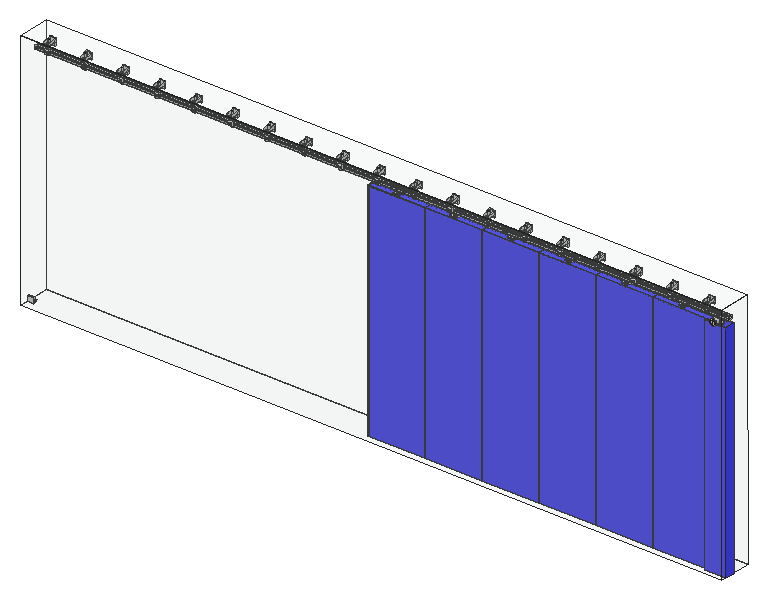
Revit family "Somati-System_SGS_Horizontal-fire-sliding-door_9050_lintel_E120_W-to-H-higher-than-1,3", category Doors, host Wall, Revit 2018
Family settings
  Host = Wall
  OmniClass Number = 23.30.10.00
  OmniClass Title = Doors
  Always vertical = Yes
  Cut with Voids When Loaded = No
  Shared = No
  Room Calculation Point = No
Parameters (values of type "EI 120")
  Youtube clip = "https://www.youtube.com/watch?v=pRjbxBvixFY&feature=emb_logo"
  Wing top offset [instance] = 136 mm  # constant formula
  Wing thickness = 81.2 mm
  Wing access (D) [instance] = [Width (W)] + 200 mm  # 5700 mm
  Width (W) [instance] = 5500 mm
  Weight Net (Kg) = "0"
  Uniformat II Description = ""
  Uniformat II Code = ""
  Uniclass 2015 Name = ""
  Uniclass 2015 Code = ""
  Uniclass 2.0 Description = ""
  Uniclass 2.0 Code = ""
  Uniclass 1.4 Description = ""
  Uniclass 1.4 Code = ""
  UNSPSC Code = ""
  Total height (Z) [instance] = Height Control + 420 mm  # 4020 mm
  Thickness = 0 mm
  Technical description = "https://somati-system.pl/en/download/sgs-download-en/"
  Region South America = "None"
  Region Oceania = "None"
  Region North America = "None"
  Region Middle East = "None"
  Region Europe = "AD, AL, AT, AX, BA, BE, BG, BY, CH, CY, CZ, DE, DK, EE, ES, FI, FO, FR, GB, GG, GI, GR, HR, HU, IE, IM, IS, IT, JE, LI, LT, LU, LV, MC, MD, ME, MK, MT, NL, NO, PL, PT, RO, RS, RU, SE, SI, SJ, SK, SM, UA, VA"
  Region Asia = "None"
  Region Antarctica = "None"
  Region Africa = "None"
  Rail and assembly materials [instance] = Somati - Stainless Steel - 7035
  QR code = "http://bimobject.com/somati-system/product/SGS_HORIZONTAL_FIRE_SLIDING_DOOR"
  Product url = "https://somati-system.pl/en/products/sgs-horizontal-fire-sliding-doors/"
  Product group = "SGS"
  Product family = "SGS"
  Product data url = "https://bimobject.com/somati-system/product/SGS_HORIZONTAL_FIRE_SLIDING_DOOR"
  Product certification = ""
  Product SKU = "SGS_HORIZONTAL_FIRE_SLIDING_DOOR"
  Product Guid = "8235eb12-0acf-4b60-9ca9-7613396e8d01"
  Power supply of control panel = "230V/50Hz/6A"  # constant formula
  Panel width [instance] = ([Width (W)] + 205 mm) / Number of panels in wing  # 950.833 mm
  Panel material = Somati - Stainless Steel - Custom
  Panel height [instance] = Height Control + Wing top offset  # 3736 mm
  OmniClass Description = ""
  OmniClass Code = ""
  Offset Right [instance] = [Counterweight housing (A2)]  # 360 mm
  Offset Left [instance] = 0 mm
  Number of panels in wing [instance] = roundup([Width (W)] / 1000 mm)  # 6
  Number of hangers [instance] = ([Guide rail length (K)] - 420 mm) / 600 mm  # 19
  Nominal width = 0 mm
  Nominal height = 0 mm
  NBS Reference Description = ""
  NBS Reference Code = ""
  Model = "SGS"  # constant formula
  Max number of opening cycles = 50000  # constant formula
  Material secondary = "Composite"
  Material main = "Steel"
  Masterformat 2014 Description = ""
  Masterformat 2014 Code = ""
  Manufacturer name = "Somati System"
  Manufacturer country = "Poland"
  Manufacturer = "Somati System"  # constant formula
  Installation instructions = ""
  IFC Classification = ""
  Height Control [instance] = if([Height (H)] < 3501 mm, 3501 mm, [Height (H)])  # 3600 mm
  Height (H) [instance] = 3600 mm
  Guide rail lower edge (B1) [instance] = Height Control + 170 mm  # 3770 mm
  Guide rail length (K) [instance] = [Wing access (D)] + [Width (W)] + [Counterweight housing (A2)]  # 11560 mm
  Gate Control type = "Electromagnetic brake"  # constant formula
  GTIN code = ""
  Function = Interior
  Height = 2000 mm
  Wall Closure = By host
  Width = 1000 mm
  Fire resistance = "EI 60, EI 120 n"  # constant formula
  Edition number = 1
  Design country = "Poland"
  Date of publishing = ""
  Counterweight housing (A2) [instance] = if([Width (W)] / Height Control > 1.3, 360 mm, 210 mm)  # 360 mm
  Console mounting axis (B2) [instance] = if(Height Control > 3500 mm, Height Control + 239 mm, Height Control + 179 mm)  # 3839 mm
  Clearance Area Visibility [instance] = yes
  COBIe Type Category = ""
  Buffer (A1) [instance] = [Wing access (D)] + 130 mm  # 5830 mm
  Brand url = ""
  BIMobject main category code = "doors"
  BIMobject main category = "Doors"
  BIMobject category code = "doors-fire"
  BIMobject category = "Fire Doors & Shutters"
  Available surface fnish = "Galvanized Stainless Steel PVC, MDF, HDF, laminate or veneer, STANDARD RAL 7035, 9002, 9006, 9010, and powder coating of whole RAL pallet"  # constant formula
Reference planes
  plane 1: y = 0
  plane 2 "Center (Left/Right)": x = 0
  plane 3 "Left": x = -2750
  plane 4 "Right": x = 2750
  plane 5 "Cutout height": z = 3600
  plane 6 "Exterior": y = 150
  plane 7 "Interior": y = -150
  plane 8 "Consoles mounting axis": z = 3839
  plane 9 "Total height top": z = 4020
  plane 10 "Guide rail bottom": z = 3770
  plane 11 "Wing access": x = -8450
  plane 12 "Buffer placement": x = -8580
  plane 13 "Counterweight housing": x = 3110
  plane 14 "Handle": z = 1050
  plane 15 "Wing end left": x = -2895
  plane 16 "Wing end top": z = 3736
  plane 17 "Wing end right": x = 2810
  plane 18: y = -324
  plane 19 "Wing axis": y = -231.875
  plane 20: y = -75
  plane 21: y = -193.4
  plane 22: y = -270.35
  plane 23: x = -2897
  plane 24 "end of hangers": x = -8240
  plane 25: x = -1040
  plane 26: x = -2795
  plane 27: y = -295.35
  plane 28: y = -162.9
  plane 29: x = -8940
  plane 30: x = -8589
  plane 31: x = -8764.5
  plane 32: x = 3110
  plane 33: x = -8580
  plane 34: x = -8760
  plane 35: z = 3802
  plane 36: x = 2960
  plane 37: y = -400.787
Forms (mm)
  Sweep 1, solid
    path origin (0, -150, 0) x (1, 0, 0) y (0, 0, 1)
      loop
        line (-2750, 0) -> (-2750, 3582) -> (2750, 3582)
    profile origin (-2750, -150, 1791) x (-1, 0, 0) y (0, -1, 0)
      loop
        line (15, 33) -> (15, 4)
        arc (15, 4) -> (16.172, 1.172) -> (19, 0) r 4
        line (19, 0) -> (110.462, 0)
        arc (110.462, 0) -> (113.29, 1.172) -> (114.462, 4) r 4
        line (114.462, 4) -> (114.462, 29)
        arc (114.462, 29) -> (115.048, 30.414) -> (116.462, 31) r 2
        line (116.462, 31) -> (137.462, 31) -> (137.462, 33) -> (15, 33)
  Sweep 2, solid, material "Somati - Stainless Steel - Custom" <- "Panel material"
    path origin (0, -150, 0) x (1, 0, 0) y (0, 0, 1)
      loop
        line (-2895, 3736) -> (-2895, 0)
    profile origin (-2895, -150, 1868) x (0, -1, 0) y (1, 0, 0)
      loop
        arc (18.1, 2) -> (19.272, -0.828) -> (22.1, -2) r 4
        line (22.1, -2) -> (118.35, -2)
        arc (118.35, -2) -> (121.178, -0.828) -> (122.35, 2) r 4
        line (122.35, 2) -> (122.35, 13) -> (120.35, 13) -> (120.35, 2)
        arc (120.35, 2) -> (119.764, 0.586) -> (118.35, 0) r 2
        line (118.35, 0) -> (22.1, 0)
        arc (22.1, 0) -> (20.686, 0.586) -> (20.1, 2) r 2
        line (20.1, 2) -> (20.1, 23) -> (18.1, 23) -> (18.1, 2)
  Sweep 3, solid, material "Somati - Stainless Steel - Custom" <- "Panel material"
    path origin (0, -150, 0) x (1, 0, 0) y (0, 0, 1)
      loop
        line (-2897, 3736) -> (2810, 3736)
    profile origin (-43.5, -150, 3736) x (0, 0, 1) y (0, -1, 0)
      loop
        line (-23, 19.5) -> (-23, 17.5) -> (-2, 17.5)
        arc (-2, 17.5) -> (0.828, 18.672) -> (2, 21.5) r 4
        line (2, 21.5) -> (2, 117.5) -> (0, 117.5) -> (0, 21.5)
        arc (0, 21.5) -> (-0.586, 20.086) -> (-2, 19.5) r 2
        line (-2, 19.5) -> (-23, 19.5)
  Sweep 4, solid, material "Somati - Stainless Steel - Custom" <- "Panel material"
    path origin (0, -150, 0) x (1, 0, 0) y (0, 0, 1)
      loop
        line (3110, 3736) -> (3110, 0)
    profile origin (3110, -150, 1868) x (0, -1, 0) y (1, 0, 0)
      loop
        line (167.375, -348) -> (167.375, 0) -> (0, 0) -> (0, -351) -> (33, -351) -> (33, -302) -> (130.375, -302) -> (130.375, -348) -> (167.375, -348)
      loop
        line (2, -300) -> (133.375, -300) -> (133.375, -345) -> (163.375, -345) -> (163.375, -3) -> (2, -3) -> (2, -300)
  Sweep 5, solid, material "Somati - Stainless Steel - 7035" <- "Rail and assembly materials"
    path origin (0, -150, -4.5) x (1, 0, 0) y (0, 0, 1)
      loop
        line (-8450, 3774.5) -> (3110, 3774.5)
    profile origin (-2670, -150, 3770) x (0, 0, 1) y (0, -1, 0)
      loop
        arc (105, 105.25) -> (102.95, 110.2) -> (98, 112.25) r 7
        line (98, 112.25) -> (75.917, 112.25)
        arc (75.917, 112.25) -> (75.008, 112.191) -> (74.114, 112.014) r 7
        line (74.114, 112.014) -> (50.196, 105.636)
        arc (50.196, 105.636) -> (46.449, 103.137) -> (45, 98.872) r 7
        line (45, 98.872) -> (45, 88.75) -> (48, 88.75) -> (48, 100.25) -> (50.312, 102.562) -> (75.393, 109.25) -> (98, 109.25)
        arc (98, 109.25) -> (100.828, 108.078) -> (102, 105.25) r 4
        line (102, 105.25) -> (102, 54.25)
        arc (102, 54.25) -> (100.828, 51.422) -> (98, 50.25) r 4
        line (98, 50.25) -> (75.393, 50.25) -> (50.312, 56.938) -> (48, 59.25) -> (48, 70.75) -> (45, 70.75) -> (45, 60.628)
        arc (45, 60.628) -> (46.449, 56.363) -> (50.196, 53.864) r 7
        line (50.196, 53.864) -> (74.114, 47.486)
        arc (74.114, 47.486) -> (75.008, 47.309) -> (75.917, 47.25) r 7
        line (75.917, 47.25) -> (98, 47.25)
        arc (98, 47.25) -> (102.95, 49.3) -> (105, 54.25) r 7
        line (105, 54.25) -> (105, 105.25)
  Extrusion 6, solid, material "Clearance Areas", visible <- "Clearance Area Visibility"
    sketch origin (-2209.467, 358.585, 220.701) x (1, 0, 0) y (0, 0, -1)
      loop
        line (-6370.533, 220.701) -> (-6370.533, -3803.299) -> (5319.467, -3803.299) -> (5319.467, 220.701) -> (-6370.533, 220.701)
    from -759.372 to -208.585
  Sweep 7, solid, material "Somati - Stainless Steel - Custom" <- "Panel material", not visible
    path origin (0, -150, 0) x (1, 0, 0) y (0, 0, 1)
      loop
        line (2750, 0) -> (2750, 3736)
    profile origin (2750, -150, 1868) x (-1, 0, 0) y (0, -1, 0)
      loop
        line (-9, 0) -> (-9, 33) -> (-58, 33) -> (-58, 124) -> (-12, 124) -> (-12, 161) -> (-60, 161) -> (-60, 0) -> (-9, 0)
Lines and regions (mm)
  Opening 1
    outline origin (-3050, -150, 0) x (1, 0, 0) y (0, 0, 1)
      loop
        line (300, 0) -> (5800, 0) -> (5800, 3600) -> (300, 3600) -> (300, 0)
Text (mm)
  text "Exterior" at (-2295.016, 1099.543, 0), in view "Ref. Level"
  text "Exterior" at (0, 1615.38, 3698.081), in view "Left"
  text "Exterior" at (0, 1036.032, 3874.932), in view "Right"
Dimensions and locks
  equal spacing: plane 3 "Left", plane 2 "Center (Left/Right)", plane 4 "Right"
  "Width (W)": plane 3 "Left" to plane 4 "Right"
  "Height Control": plane 5 "Cutout height" to host wall
  host wall to plane 5 "Cutout height" = 3600 mm  (x2)
  locked: plane 6 "Exterior" to host wall at 0
  locked: plane 7 "Interior" to host wall
  "Total height (Z)": plane 9 "Total height top" to level
  "Console mounting axis (B2)": plane 8 "Consoles mounting axis" to level
  "Guide rail lower edge (B1)": plane 10 "Guide rail bottom" to level
  "Buffer (A1)": plane 12 "Buffer placement" to plane 3 "Left"
  "Counterweight housing (A2)": plane 4 "Right" to plane 13 "Counterweight housing"
  "Wing access (D)": plane 11 "Wing access" to plane 3 "Left"
  locked: plane 14 "Handle" to level at 1050
  equal spacing: plane 21, plane 19 "Wing axis", plane 22
  equal spacing: group 1, group 6, group 14, group 18, group 19, group 2  (x3)
  locked: plane 4 "Right" to plane 17 "Wing end right" at 60
  "Wing top offset": plane 16 "Wing end top" to plane 5 "Cutout height"
  locked: plane 23 to plane 15 "Wing end left" at 2
  locked: Sweep 1 sketch curve to plane 5 "Cutout height" at 18
  locked: plane 24 "end of hangers" to plane 11 "Wing access" at 210
  equal spacing: group 4, group 25, group 24, group 23, group 22, group 21, group 20, group 17, group 16, group 15, group 13, group 12, group 11, group 10, group 9, group 8, group 7, group 5, group 3
  equal spacing: group 3, group 5, group 7, group 8, group 9, group 10, group 11, group 12, group 13, group 15, group 16, group 17, group 20, group 21, group 22, group 23, group 24, group 25, group 4  (x2)
  locked: plane 26 to plane 3 "Left" at 45
  locked: plane 28 to plane 21 at 30.5
  locked: plane 22 to plane 27 at 25
  plane 15 "Wing end left" to plane 3 "Left" = 145 mm
  locked: Sweep 4 to plane 19 "Wing axis" at 85.5
  locked: Sweep 4 sketch curve to Sweep 4 sketch curve at 3
  "Counterweight housing (A2)": plane 29 to plane 12 "Buffer placement"
  locked: plane 30 to plane 12 "Buffer placement" at 9
  equal spacing: plane 30, plane 31, plane 29
  "Offset Left": plane 33 to plane 12 "Buffer placement"
  "Offset Right": plane 4 "Right" to plane 32
  equal spacing: plane 29, plane 34, plane 12 "Buffer placement"
  locked: plane 35 to plane 16 "Wing end top" at 66
  equal spacing: plane 17 "Wing end right", plane 36, plane 32
  locked: host wall to plane 37 at 250.787
  locked: plane 19 "Wing axis" to host wall at 81.875
  aligned and locked: plane 3 "Left" to Opening 1 sketch curve
  aligned and locked: plane 5 "Cutout height" to Opening 1 sketch curve  (x2)
  aligned and locked: Opening 1 sketch curve to plane 4 "Right"
  aligned and locked: Opening 1 sketch curve to level
  aligned and locked: host wall to plane 1
  aligned and locked: nested 1 to plane 19 "Wing axis"
  aligned and locked: plane 15 "Wing end left" to nested 1
  aligned and locked: plane 17 "Wing end right" to nested 2
  aligned and locked: Sweep 1 sketch curve to plane 3 "Left"
  aligned and locked: plane 3 "Left" to Sweep 1 sketch curve
  aligned and locked: plane 4 "Right" to Sweep 1 sketch curve
  aligned and locked: level to Sweep 1 sketch curve
  aligned and locked: Sweep 2 sketch curve to plane 15 "Wing end left"
  aligned and locked: plane 16 "Wing end top" to Sweep 2 sketch curve
  aligned and locked: level to Sweep 2 sketch curve
  aligned and locked: Sweep 3 sketch curve to plane 16 "Wing end top"
  aligned and locked: Sweep 3 sketch curve to plane 23
  aligned and locked: Sweep 4 sketch curve to plane 16 "Wing end top"
  aligned and locked: plane 17 "Wing end right" to Sweep 3 sketch curve
  aligned and locked: nested 3 to plane 4 "Right"
  aligned and locked: nested 4 to plane 24 "end of hangers"
  aligned and locked: plane 6 "Exterior" to Extrusion 6
  aligned and locked: plane 13 "Counterweight housing" to Extrusion 6
  aligned and locked: Extrusion 6 to plane 12 "Buffer placement"
  aligned and locked: nested 2 to plane 19 "Wing axis"
  aligned and locked: plane 22 to Sweep 2
  aligned and locked: profile plane to Sweep 4 sketch curve
  aligned and locked: plane 17 "Wing end right" to Sweep 4 sketch curve
  aligned and locked: nested 6 to plane 19 "Wing axis"
  aligned and locked: nested 6 to plane 12 "Buffer placement"
  aligned and locked: Sweep 7 sketch curve to plane 4 "Right"
  aligned and locked: plane 16 "Wing end top" to Sweep 7 sketch curve
  aligned and locked: plane 32 to Sweep 5 sketch curve
  aligned and locked: Sweep 5 sketch curve to plane 10 "Guide rail bottom"
  aligned and locked: plane 9 "Total height top" to nested 3
  aligned and locked: plane 9 "Total height top" to nested 5
  aligned and locked: nested 3 to host wall
  aligned and locked: nested 5 to host wall
  aligned and locked: plane 11 "Wing access" to Sweep 5 sketch curve
  aligned and locked: nested 27 to plane 35
  aligned and locked: nested 27 to plane 19 "Wing axis"
  aligned and locked: plane 36 to nested 27
  aligned and locked: Extrusion 6 to plane 37
  aligned and locked: Extrusion 6 to nested 4
Automatic sketch dimensions
  Sweep 2 sketch curve to Sweep 2 sketch curve = 0 mm  (x4)
  Sweep 2 sketch curve to profile plane = 0 mm
  Sweep 2 sketch curve to profile plane = 2 mm  (x2)
  plane 7 "Interior" to Sweep 2 sketch curve = 18.1 mm
  Sweep 2 sketch curve to Sweep 2 sketch curve = 2 mm
  Sweep 2 sketch curve to Sweep 2 sketch curve = 96.25 mm
  Sweep 2 sketch curve to Sweep 2 sketch curve = 11 mm
  Sweep 2 sketch curve to Sweep 2 sketch curve = 21 mm
  Sweep 3 sketch curve to Sweep 3 sketch curve = 0 mm  (x2)
  profile plane to Sweep 3 sketch curve = 0 mm
  profile plane to Sweep 3 sketch curve = 2 mm
  Sweep 3 sketch curve to Sweep 3 sketch curve = 21 mm
  Sweep 3 sketch curve to Sweep 3 sketch curve = 2 mm
  plane 7 "Interior" to Sweep 3 sketch curve = 17.5 mm
  Sweep 3 sketch curve to Sweep 3 sketch curve = 96 mm
  Sweep 4 sketch curve to level = 0 mm
  Sweep 4 sketch curve to plane 13 "Counterweight housing" = 0 mm
  plane 7 "Interior" to Sweep 4 sketch curve = 0 mm
  plane 7 "Interior" to Sweep 4 sketch curve = 2 mm
  Sweep 4 sketch curve to Sweep 4 sketch curve = 31 mm
  Sweep 4 sketch curve to Sweep 4 sketch curve = 97.375 mm
  Sweep 4 sketch curve to Sweep 4 sketch curve = 3 mm  (x2)
  Sweep 4 sketch curve to Sweep 4 sketch curve = 30 mm
  Sweep 4 sketch curve to Sweep 4 sketch curve = 4 mm
  Sweep 4 sketch curve to Sweep 4 sketch curve = 2 mm
  Sweep 4 sketch curve to Sweep 4 sketch curve = 45 mm
  Sweep 4 sketch curve to Sweep 4 sketch curve = 49 mm
  plane 9 "Total height top" to Extrusion 6 sketch curve = 4 mm
  Extrusion 6 sketch curve to plane 12 "Buffer placement" = 0 mm
  Extrusion 6 sketch curve to plane 13 "Counterweight housing" = 0 mm
  Extrusion 6 sketch curve to level = 0 mm
  Sweep 7 sketch curve to plane 14 "Handle" = 1050 mm
  plane 7 "Interior" to Sweep 7 sketch curve = 0 mm
  profile plane to Sweep 7 sketch curve = 60 mm
  Sweep 7 sketch curve to Sweep 7 sketch curve = 2 mm
  profile plane to Sweep 7 sketch curve = 12 mm
  profile plane to Sweep 7 sketch curve = 9 mm
  plane 7 "Interior" to Sweep 7 sketch curve = 33 mm
  Sweep 7 sketch curve to Sweep 7 sketch curve = 91 mm
  Sweep 7 sketch curve to Sweep 7 sketch curve = 37 mm
  Sweep 5 sketch curve to Sweep 5 sketch curve = 0 mm  (x5)
  Sweep 5 sketch curve to profile plane = 45 mm  (x2)
  Sweep 5 sketch curve to profile plane = 48 mm  (x2)
  Sweep 5 sketch curve to profile plane = 50.196 mm  (x2)
  Sweep 5 sketch curve to Sweep 5 sketch curve = 0.115 mm  (x2)
  Sweep 5 sketch curve to Sweep 5 sketch curve = 1.688 mm  (x2)
  Sweep 5 sketch curve to Sweep 5 sketch curve = 23.917 mm  (x2)
  Sweep 5 sketch curve to Sweep 5 sketch curve = 1.279 mm  (x2)
  Sweep 5 sketch curve to Sweep 5 sketch curve = 1.804 mm
  Sweep 5 sketch curve to Sweep 5 sketch curve = 0.524 mm
  Sweep 5 sketch curve to Sweep 5 sketch curve = 22.083 mm  (x2)
  Sweep 5 sketch curve to Sweep 5 sketch curve = 4 mm
  Sweep 5 sketch curve to Sweep 5 sketch curve = 3 mm
  plane 7 "Interior" to Sweep 5 sketch curve = 47.25 mm
  Sweep 5 sketch curve to Sweep 5 sketch curve = 0.236 mm
  Sweep 5 sketch curve to Sweep 5 sketch curve = 6.378 mm  (x2)
  Sweep 5 sketch curve to Sweep 5 sketch curve = 3.074 mm  (x2)
  Sweep 5 sketch curve to Sweep 5 sketch curve = 2.312 mm
  Sweep 5 sketch curve to Sweep 5 sketch curve = 10.122 mm  (x2)
  Sweep 5 sketch curve to Sweep 5 sketch curve = 18 mm
  Sweep 5 sketch curve to Sweep 5 sketch curve = 1.378 mm
  plane 7 "Interior" to Sweep 1 sketch curve = 0 mm
  Sweep 1 sketch curve to profile plane = 15 mm
  Sweep 1 sketch curve to Sweep 1 sketch curve = 4 mm
  plane 7 "Interior" to Sweep 1 sketch curve = 4 mm
  Sweep 1 sketch curve to Sweep 1 sketch curve = 91.462 mm
  Sweep 1 sketch curve to Sweep 1 sketch curve = 2 mm
  Sweep 1 sketch curve to Sweep 1 sketch curve = 21 mm
  Sweep 1 sketch curve to Sweep 1 sketch curve = 25 mm
  Sweep 1 sketch curve to Sweep 1 sketch curve = 29 mm
Nested families
  nested 1: "Family2" at (-2419.583, -231.875, 0), Material <- "Panel material", Width <- "Panel width", Thickness <- "Wing thickness", Height <- "Panel height", type "Family2"
    with Width 950.833 mm, Thickness 81.2 mm, Material Somati - Stainless Steel - Custom, Height 3736 mm
  nested 2: "Family2" at (2334.583, -231.875, 0), Material <- "Panel material", Width <- "Panel width", Thickness <- "Wing thickness", Height <- "Panel height", type "Family2"
    with Width 950.833 mm, Thickness 81.2 mm, Material Somati - Stainless Steel - Custom, Height 3736 mm
  nested 3: "Family3" at (2716, -230.402, 3902) x (0, 1, 0) z (1, 0, 0), type "Family3", detail levels medium+fine
  nested 4: "Family3" at (-8274, -230.402, 3902) x (0, 1, 0) z (1, 0, 0), type "Family3", detail levels medium+fine
  nested 5: "Family3" at (2105.444, -230.402, 3902) x (0, 1, 0) z (1, 0, 0), type "Family3", detail levels medium+fine
  nested 6: "Stopper" at (-8530.037, -231.875, 0), type "Stopper", detail levels medium+fine
  nested 7: "Family2" at (-1468.75, -231.875, 0), Material <- "Panel material", Width <- "Panel width", Thickness <- "Wing thickness", Height <- "Panel height", type "Family2"
    with Width 950.833 mm, Thickness 81.2 mm, Material Somati - Stainless Steel - Custom, Height 3736 mm
  nested 8: "Family3" at (1494.889, -230.402, 3902) x (0, 1, 0) z (1, 0, 0), type "Family3", detail levels medium+fine
  nested 9: "Family3" at (884.333, -230.402, 3902) x (0, 1, 0) z (1, 0, 0), type "Family3", detail levels medium+fine
  nested 10: "Family3" at (273.778, -230.402, 3902) x (0, 1, 0) z (1, 0, 0), type "Family3", detail levels medium+fine
  nested 11: "Family3" at (-336.778, -230.402, 3902) x (0, 1, 0) z (1, 0, 0), type "Family3", detail levels medium+fine
  nested 12: "Family3" at (-947.333, -230.402, 3902) x (0, 1, 0) z (1, 0, 0), type "Family3", detail levels medium+fine
  nested 13: "Family3" at (-1557.889, -230.402, 3902) x (0, 1, 0) z (1, 0, 0), type "Family3", detail levels medium+fine
  nested 14: "Family3" at (-2168.444, -230.402, 3902) x (0, 1, 0) z (1, 0, 0), type "Family3", detail levels medium+fine
  nested 15: "Family2" at (-517.917, -231.875, 0), Material <- "Panel material", Width <- "Panel width", Thickness <- "Wing thickness", Height <- "Panel height", type "Family2"
    with Width 950.833 mm, Thickness 81.2 mm, Material Somati - Stainless Steel - Custom, Height 3736 mm
  nested 16: "Family3" at (-2779, -230.402, 3902) x (0, 1, 0) z (1, 0, 0), type "Family3", detail levels medium+fine
  nested 17: "Family3" at (-3389.556, -230.402, 3902) x (0, 1, 0) z (1, 0, 0), type "Family3", detail levels medium+fine
  nested 18: "Family3" at (-4000.111, -230.402, 3902) x (0, 1, 0) z (1, 0, 0), type "Family3", detail levels medium+fine
  nested 19: "Family2" at (432.917, -231.875, 0), Material <- "Panel material", Width <- "Panel width", Thickness <- "Wing thickness", Height <- "Panel height", type "Family2"
    with Width 950.833 mm, Thickness 81.2 mm, Material Somati - Stainless Steel - Custom, Height 3736 mm
  nested 20: "Family2" at (1383.75, -231.875, 0), Material <- "Panel material", Width <- "Panel width", Thickness <- "Wing thickness", Height <- "Panel height", type "Family2"
    with Width 950.833 mm, Thickness 81.2 mm, Material Somati - Stainless Steel - Custom, Height 3736 mm
  nested 21: "Family3" at (-4610.667, -230.402, 3902) x (0, 1, 0) z (1, 0, 0), type "Family3", detail levels medium+fine
  nested 22: "Family3" at (-5221.222, -230.402, 3902) x (0, 1, 0) z (1, 0, 0), type "Family3", detail levels medium+fine
  nested 23: "Family3" at (-5831.778, -230.402, 3902) x (0, 1, 0) z (1, 0, 0), type "Family3", detail levels medium+fine
  nested 24: "Family3" at (-6442.333, -230.402, 3902) x (0, 1, 0) z (1, 0, 0), type "Family3", detail levels medium+fine
  nested 25: "Family3" at (-7052.889, -230.402, 3902) x (0, 1, 0) z (1, 0, 0), type "Family3", detail levels medium+fine
  nested 26: "Family3" at (-7663.444, -230.402, 3902) x (0, 1, 0) z (1, 0, 0), type "Family3", detail levels medium+fine
  nested 27: "brake" at (2960, -231.875, 3781.165) x (1, 0, 0) z (0, -1, 0), type "brake"
Definition of nested family "Family2"
  Parameters (values of type "Family2")
    Width [instance] = 349.761 mm
    Thickness [instance] = 117.742 mm
    Material [instance] = none
    Height [instance] = 398.765 mm
    Hardware material = none
  Reference planes
    plane 1 "Center (Front/Back)": y = 0
    plane 2: z = 0
    plane 3 "Center (Left/Right)": x = 0
    plane 4: x = -174.88
    plane 5: x = 174.88
    plane 6: y = 58.871
    plane 7: y = -58.871
    plane 8: z = 398.765
  Forms (mm)
    Extrusion 1, solid, material <- "Material"
      sketch origin (0, 0, 0) x (1, 0, 0) y (0, 1, 0)
        loop
          line (-174.88, -58.871) -> (174.88, -58.871) -> (174.88, 58.871) -> (-174.88, 58.871) -> (-174.88, -58.871)
      from 0 to 398.765
  Dimensions and locks
    equal spacing: plane 4, plane 3 "Center (Left/Right)", plane 5
    "Width": plane 4 to plane 5
    equal spacing: plane 6, plane 1 "Center (Front/Back)", plane 7
    "Thickness": plane 6 to plane 7
    "Height": plane 8 to plane 2
    aligned and locked: level to plane 2
    aligned and locked: plane 6 to Extrusion 1
    aligned and locked: Extrusion 1 to plane 7
    aligned and locked: Extrusion 1 to plane 4
    aligned and locked: plane 5 to Extrusion 1
    aligned and locked: plane 6 to Extrusion 1 sketch curve
    aligned and locked: Extrusion 1 sketch curve to plane 7
    aligned and locked: Extrusion 1 sketch curve to plane 4
    aligned and locked: plane 5 to Extrusion 1 sketch curve
    aligned and locked: plane 8 to Extrusion 1
    aligned and locked: plane 3 "Center (Left/Right)" to nested 1
    aligned and locked: plane 1 "Center (Front/Back)" to nested 1
    aligned and locked: nested 1 to plane 8
  Nested families
    nested 1: "Family1" at (0, 0, 491.765), type "Family1", detail levels medium+fine
  Definition of nested family "Family1"
    Parameters (values of type "Family1")
      Material = none
    Reference planes
      plane 1 "Center (Front/Back)": y = 0
      plane 2: z = 0
      plane 3 "Center (Left/Right)": x = 0
      plane 4: y = 1.5
      plane 5: y = -1.5
      plane 6: z = -93
    Forms (mm)
      Extrusion 1, solid, material <- "Material"
        sketch origin (0, 0, 0) x (0, 1, 0) y (0, 0, 1)
          loop
            arc (-4, -26) -> (0.101, -35.899) -> (10, -40) r 14
            line (10, -40) -> (12, -40)
            arc (12, -40) -> (16.243, -41.757) -> (18, -46) r 6
            line (18, -46) -> (18, -48)
            arc (18, -48) -> (16.243, -52.243) -> (12, -54) r 6
            line (12, -54) -> (-34, -54) -> (-34, -62) -> (12, -62)
            arc (12, -62) -> (21.899, -57.899) -> (26, -48) r 14
            line (26, -48) -> (26, -46)
            arc (26, -46) -> (21.899, -36.101) -> (12, -32) r 14
            line (12, -32) -> (10, -32)
            arc (10, -32) -> (5.757, -30.243) -> (4, -26) r 6
            line (4, -26) -> (4, 38) -> (-4, 38) -> (-4, -26)
        from -55 to 55
      Revolve 2, solid, material <- "Material"
        sketch origin (0, 0, 0) x (1, 0, 0) y (0, 0, 1)
          loop
            line (0, -184) -> (8.5, -184) -> (10, -182.5) -> (10, -94) -> (12.375, -94)
            arc (12.375, -94) -> (14.57, -93.613) -> (16.5, -92.5) r 6.422
            line (16.5, -92.5) -> (16.5, -86)
            arc (16.5, -86) -> (14.667, -84.526) -> (12.375, -84) r 5.254
            line (12.375, -84) -> (10, -84) -> (10, -75) -> (12.375, -75)
            arc (12.375, -75) -> (14.57, -74.613) -> (16.5, -73.5) r 6.422
            line (16.5, -73.5) -> (16.5, -67)
            arc (16.5, -67) -> (14.667, -65.526) -> (12.375, -65) r 5.254
            line (12.375, -65) -> (20, -65) -> (20, -62) -> (0, -62) -> (0, -184)
          loop
            line (16.5, -54) -> (16.5, -43)
            arc (16.5, -43) -> (14.667, -41.526) -> (12.375, -41) r 5.254
            line (12.375, -41) -> (0, -41) -> (0, -54) -> (16.5, -54)
          axis (0, -184) -> (0, -41)
        angle from 0 to 360
      Extrusion 3, void
        sketch origin (0, 0, 23) x (1, 0, 0) y (0, 0, 1)
          loop
            arc (-55, -28.637) -> (0, 15) -> (55, -28.637) r 56.479
            line (55, -28.637) -> (55, 17.5) -> (-55, 17.5) -> (-55, -28.637)
        from -23 to 30.5
      Extrusion 4, solid, material <- "Material"
        sketch origin (25, 0, 12.612) x (1, 0, 0) y (0, 0, 1)
          loop
            circle (70, 0) r 9
        from -7 to -3
      Extrusion 5, solid, material <- "Material"
        sketch origin (25, 0, 12.612) x (1, 0, 0) y (0, 0, -1)
          loop
            circle (70, -1.528) r 25
        from -22 to -9
      Sweep 6, void
        path in 3D
          loop
            arc (70, -9, 14.141) -> (95, -9, -10.859) -> (120, -9, 14.141) r 25
            arc (120, -9, 14.141) -> (95, -9, 39.141) -> (70, -9, 14.141) r 25
        profile origin (95, -9, 39.141) x (0, 0, 1) y (0, 1, 0)
          loop
            line (-1.5, 0) -> (0, -1.5) -> (0.954, -0.546) -> (-0.546, 0.954) -> (-1.5, 0)
      Extrusion 7, solid, material <- "Material"
        sketch origin (25, 0, 12.612) x (1, 0, 0) y (0, 0, -1)
          loop
            circle (70, 0) r 9
        from -7 to -3
      Extrusion 8, solid, material <- "Material"
        sketch origin (-25, 0, 12.612) x (-1, 0, 0) y (0, 0, -1)
          loop
            circle (70, 0) r 9
        from -9 to -1.5
      Extrusion 9, solid, material <- "Material"
        sketch origin (-25, 0, 12.612) x (-1, 0, 0) y (0, 0, 1)
          loop
            circle (70, 0) r 9
        from -9 to -1.5
      Extrusion 10, solid, material <- "Material"
        sketch origin (0, 0, 0) x (1, 0, 0) y (0, 0, 1)
          loop
            line (114, 38) -> (-114, 38)
            arc (-114, 38) -> (-118.243, 36.243) -> (-120, 32) r 6
            line (-120, 32) -> (-120, -6)
            arc (-120, -6) -> (-118.243, -10.243) -> (-114, -12) r 6
            line (-114, -12) -> (-70, -12) -> (-70, -4) -> (-24.592, -4) -> (24.592, -4) -> (70, -4) -> (70, -12) -> (114, -12)
            arc (114, -12) -> (118.243, -10.243) -> (120, -6) r 6
            line (120, -6) -> (120, 32)
            arc (120, 32) -> (118.243, 36.243) -> (114, 38) r 6
        from -1.5 to 1.5
      Revolve 11, solid, material <- "Material"
        sketch origin (0, 0, 0) x (0, 1, 0) y (0, 0, 1)
          loop
            arc (-22.5, -52.2) -> (-24.522, -52.351) -> (-26.5, -52.8) r 13.633
            line (-26.5, -52.8) -> (-26.5, -54) -> (-22.5, -54) -> (-22.5, -52.2)
          axis (-22.5, -54) -> (-22.5, -52.2)
        angle from 0 to 360
      Sweep 12, void
        path in 3D
          loop
            arc (70, -22, 14.141) -> (95, -22, -10.859) -> (120, -22, 14.141) r 25
            arc (120, -22, 14.141) -> (95, -22, 39.141) -> (70, -22, 14.141) r 25
        profile origin (95, -22, 39.141) x (0, 0, -1) y (0, -1, 0)
          loop
            line (1.5, 0) -> (0.546, 0.954) -> (-0.954, -0.546) -> (0, -1.5) -> (1.5, 0)
      Extrusion 13, solid, material <- "Material"
        sketch origin (25, 0, 12.612) x (1, 0, 0) y (0, 0, 1)
          loop
            circle (70, 1.528) r 25
        from -22 to -9
      Sweep 14, void
        path in 3D
          loop
            arc (120, 9, 14.141) -> (95, 9, -10.859) -> (70, 9, 14.141) r 25
            arc (70, 9, 14.141) -> (95, 9, 39.141) -> (120, 9, 14.141) r 25
        profile origin (95, 9, 39.141) x (0, 0, 1) y (0, -1, 0)
          loop
            line (-1.5, 0) -> (0, -1.5) -> (0.954, -0.546) -> (-0.546, 0.954) -> (-1.5, 0)
      Sweep 15, void
        path in 3D
          loop
            arc (70, 22, 14.141) -> (95, 22, -10.859) -> (120, 22, 14.141) r 25
            arc (120, 22, 14.141) -> (95, 22, 39.141) -> (70, 22, 14.141) r 25
        profile origin (95, 22, 39.141) x (0, 0, 1) y (0, 1, 0)
          loop
            line (-1.5, 0) -> (0, -1.5) -> (0.954, -0.546) -> (-0.546, 0.954) -> (-1.5, 0)
      Extrusion 16, solid, material <- "Material"
        sketch origin (-25, 0, 12.612) x (-1, 0, 0) y (0, 0, -1)
          loop
            circle (70, 0) r 9
        from -9 to -3
      Extrusion 17, solid, material <- "Material"
        sketch origin (-25, 0, 12.612) x (-1, 0, 0) y (0, 0, 1)
          loop
            circle (70, 1.528) r 25
        from -22 to -9
      Sweep 18, void
        path in 3D
          loop
            arc (-120, -9, 14.141) -> (-95, -9, -10.859) -> (-70, -9, 14.141) r 25
            arc (-70, -9, 14.141) -> (-95, -9, 39.141) -> (-120, -9, 14.141) r 25
        profile origin (-95, -9, 39.141) x (0, 0, 1) y (0, 1, 0)
          loop
            line (-1.5, 0) -> (0, -1.5) -> (0.954, -0.546) -> (-0.546, 0.954) -> (-1.5, 0)
      Extrusion 19, solid, material <- "Material"
        sketch origin (-25, 0, 12.612) x (-1, 0, 0) y (0, 0, 1)
          loop
            circle (70, 0) r 9
        from -9 to -3
      Sweep 20, void
        path in 3D
          loop
            arc (-70, -22, 14.141) -> (-95, -22, -10.859) -> (-120, -22, 14.141) r 25
            arc (-120, -22, 14.141) -> (-95, -22, 39.141) -> (-70, -22, 14.141) r 25
        profile origin (-95, -22, 39.141) x (0, 0, 1) y (0, -1, 0)
          loop
            line (-1.5, 0) -> (0, -1.5) -> (0.954, -0.546) -> (-0.546, 0.954) -> (-1.5, 0)
      Extrusion 21, solid, material <- "Material"
        sketch origin (-25, 0, 12.612) x (-1, 0, 0) y (0, 0, -1)
          loop
            circle (70, -1.528) r 25
        from -22 to -9
      Sweep 22, void
        path in 3D
          loop
            arc (-70, 9, 14.141) -> (-95, 9, -10.859) -> (-120, 9, 14.141) r 25
            arc (-120, 9, 14.141) -> (-95, 9, 39.141) -> (-70, 9, 14.141) r 25
        profile origin (-95, 9, 39.141) x (0, 0, 1) y (0, -1, 0)
          loop
            line (-1.5, 0) -> (0, -1.5) -> (0.954, -0.546) -> (-0.546, 0.954) -> (-1.5, 0)
      Sweep 23, void
        path in 3D
          loop
            arc (-70, 22, 14.141) -> (-95, 22, -10.859) -> (-120, 22, 14.141) r 25
            arc (-120, 22, 14.141) -> (-95, 22, 39.141) -> (-70, 22, 14.141) r 25
        profile origin (-95, 22, 39.141) x (0, 0, -1) y (0, 1, 0)
          loop
            line (1.5, 0) -> (0.546, 0.954) -> (-0.954, -0.546) -> (0, -1.5) -> (1.5, 0)
    Cuts and joins
      Extrusion 3 cuts Extrusion 1
      Sweep 6, Sweep 12, Sweep 14, Sweep 15, Sweep 18, Sweep 20 cuts Extrusion 5
      Sweep 14, Sweep 15, Sweep 22, Sweep 23 cuts Extrusion 13
      Sweep 18, Sweep 20 cuts Extrusion 17
      Sweep 22, Sweep 23 cuts Extrusion 21
    Lines and regions (mm)
      sketch lines
        curve 1: arc (120, -9, 14.141) -> (95, -9, 39.141) -> (70, -9, 14.141) r 25
        curve 2: arc (70, -9, 14.141) -> (95, -9, -10.859) -> (120, -9, 14.141) r 25
        curve 3: arc (120, -22, 14.141) -> (95, -22, 39.141) -> (70, -22, 14.141) r 25
        curve 4: arc (70, -22, 14.141) -> (95, -22, -10.859) -> (120, -22, 14.141) r 25
        curve 5: arc (70, 9, 14.141) -> (95, 9, 39.141) -> (120, 9, 14.141) r 25
        curve 6: arc (120, 9, 14.141) -> (95, 9, -10.859) -> (70, 9, 14.141) r 25
        curve 7: arc (120, 22, 14.141) -> (95, 22, 39.141) -> (70, 22, 14.141) r 25
        curve 8: arc (70, 22, 14.141) -> (95, 22, -10.859) -> (120, 22, 14.141) r 25
        curve 9: arc (-70, -9, 14.141) -> (-95, -9, 39.141) -> (-120, -9, 14.141) r 25
        curve 10: arc (-120, -9, 14.141) -> (-95, -9, -10.859) -> (-70, -9, 14.141) r 25
        curve 11: arc (-120, -22, 14.141) -> (-95, -22, 39.141) -> (-70, -22, 14.141) r 25
        curve 12: arc (-70, -22, 14.141) -> (-95, -22, -10.859) -> (-120, -22, 14.141) r 25
        curve 13: arc (-120, 9, 14.141) -> (-95, 9, 39.141) -> (-70, 9, 14.141) r 25
        curve 14: arc (-70, 9, 14.141) -> (-95, 9, -10.859) -> (-120, 9, 14.141) r 25
        curve 15: arc (-120, 22, 14.141) -> (-95, 22, 39.141) -> (-70, 22, 14.141) r 25
        curve 16: arc (-70, 22, 14.141) -> (-95, 22, -10.859) -> (-120, 22, 14.141) r 25
    Dimensions and locks
      aligned and locked: level to plane 2
Definition of nested family "Family3"
  Parameters (values of type "Family3")
    Material = none
    Default Elevation = 1219.2 mm
  Reference planes
    plane 1 "Center (Front/Back)": y = 0
    plane 2: z = 0
    plane 3 "Center (Left/Right)": x = 0
    plane 4: z = 34
    plane 5: y = -35.027
  Forms (mm)
    Extrusion 1, solid, material <- "Material"
      sketch origin (-42.203, -116.551, 0) x (1, 0, 0) y (0, 1, 0)
        loop
          arc (11.703, 98.551) -> (4.632, 95.622) -> (1.703, 88.551) r 10
          line (1.703, 88.551) -> (1.703, 54.862)
          arc (1.703, 54.862) -> (1.787, 53.562) -> (2.04, 52.285) r 10
          line (2.04, 52.285) -> (7.723, 30.974)
          arc (7.723, 30.974) -> (11.293, 25.621) -> (17.385, 23.551) r 10
          line (17.385, 23.551) -> (29.703, 23.551) -> (29.703, 29.551) -> (17.385, 29.551)
          arc (17.385, 29.551) -> (14.948, 30.379) -> (13.52, 32.52) r 4
          line (13.52, 32.52) -> (7.838, 53.831)
          arc (7.838, 53.831) -> (7.737, 54.342) -> (7.703, 54.862) r 4
          line (7.703, 54.862) -> (7.703, 88.551)
          arc (7.703, 88.551) -> (8.874, 91.38) -> (11.703, 92.551) r 4
          line (11.703, 92.551) -> (72.703, 92.551)
          arc (72.703, 92.551) -> (75.531, 91.38) -> (76.703, 88.551) r 4
          line (76.703, 88.551) -> (76.703, 54.862)
          arc (76.703, 54.862) -> (76.669, 54.342) -> (76.568, 53.831) r 4
          line (76.568, 53.831) -> (70.885, 32.52)
          arc (70.885, 32.52) -> (69.457, 30.379) -> (67.02, 29.551) r 4
          line (67.02, 29.551) -> (54.703, 29.551) -> (54.703, 23.551) -> (67.02, 23.551)
          arc (67.02, 23.551) -> (73.112, 25.621) -> (76.682, 30.974) r 10
          line (76.682, 30.974) -> (82.365, 52.285)
          arc (82.365, 52.285) -> (82.618, 53.562) -> (82.703, 54.862) r 10
          line (82.703, 54.862) -> (82.703, 88.551)
          arc (82.703, 88.551) -> (79.774, 95.622) -> (72.703, 98.551) r 10
          line (72.703, 98.551) -> (11.703, 98.551)
      from 0 to 68
    Revolve 2, solid, material <- "Material"
      sketch origin (0, 15, 34) x (1, 0, 0) y (0, 1, 0)
        loop
          line (0, -33) -> (10, -33) -> (10, 12) -> (12.375, 12)
          arc (12.375, 12) -> (14.57, 12.387) -> (16.5, 13.5) r 6.422
          line (16.5, 13.5) -> (16.5, 20)
          arc (16.5, 20) -> (14.667, 21.474) -> (12.375, 22) r 5.254
          line (12.375, 22) -> (20, 22) -> (20, 25) -> (0, 25) -> (0, -33)
        loop
          line (0, 33) -> (20, 33) -> (20, 36) -> (12.375, 36)
          arc (12.375, 36) -> (14.57, 36.387) -> (16.5, 37.5) r 6.422
          line (16.5, 37.5) -> (16.5, 44)
          arc (16.5, 44) -> (14.667, 45.474) -> (12.375, 46) r 5.254
          line (12.375, 46) -> (10, 46) -> (10, 105.5) -> (8.5, 107) -> (0, 107) -> (0, 33)
        axis (0, 107) -> (0, -33)
      angle from 0 to 360
    Extrusion 3, solid, material <- "Material"
      sketch origin (-0.197, 0, 63.854) x (0, 1, 0) y (0, 0, -1)
        loop
          line (107, 76.927) -> (54, 76.927)
          arc (54, 76.927) -> (44.1, 72.827) -> (40, 62.927) r 14
          line (40, 62.927) -> (40, 0.927)
          arc (40, 0.927) -> (44.1, -8.972) -> (54, -13.073) r 14
          line (54, -13.073) -> (107, -13.073) -> (107, -5.073) -> (54, -5.073)
          arc (54, -5.073) -> (49.757, -3.315) -> (48, 0.927) r 6
          line (48, 0.927) -> (48, 62.927)
          arc (48, 62.927) -> (49.757, 67.17) -> (54, 68.927) r 6
          line (54, 68.927) -> (107, 68.927) -> (107, 76.927)
      from -72.598 to 49.402
    Extrusion 4, solid, material <- "Material"
      sketch origin (-0.197, 0, 63.854) x (0, 1, 0) y (0, 0, -1)
        loop
          line (118, 76.927) -> (8, 76.927) -> (8, -13.073) -> (118, -13.073) -> (118, 76.927)
      from -80.598 to -72.598
    Extrusion 5, void
      sketch origin (-0.197, 0, 63.854) x (0, 1, 0) y (-1, 0, 0)
        loop
          line (80.705, 49.402) -> (107, -71.653) -> (107, 49.402) -> (80.705, 49.402)
      from -76.927 to 13.073
  Cuts and joins
    Extrusion 5 cuts Extrusion 3
  Dimensions and locks
    aligned and locked: level to plane 2
Definition of nested family "Stopper"
  Parameters (values of type "Stopper")
    Material = none
  Reference planes
    plane 1 "Center (Front/Back)": y = 0
    plane 2: z = 0
    plane 3 "Center (Left/Right)": x = 0
  Forms (mm)
    Extrusion 1, solid
      sketch origin (0, -69.316, 40.1) x (1, 0, 0) y (0, 1, 0)
        loop
          line (-49.963, 50.816) -> (50, 50.816) -> (50, 87.816) -> (-49.963, 87.816) -> (-49.963, 50.816)
      from -40 to 40
    Revolve 2, solid, material <- "Material"
      sketch origin (0, -18.5, 40.1) x (1, 0, 0) y (0, 1, 0)
        loop
          line (50, 36.9) -> (50, 18.5) -> (67.112, 18.5) -> (67.112, 36.9) -> (50, 36.9)
        axis (50, 18.5) -> (67.112, 18.5)
      angle from 0 to 360
  Dimensions and locks
    aligned and locked: level to plane 2
Definition of nested family "brake"
  Parameters (values of type "brake")
    Material = none
    Default Elevation = 1219.2 mm
  Reference planes
    plane 1 "Center (Front/Back)": y = 0
    plane 2: z = 0
    plane 3 "Center (Left/Right)": x = 0
    plane 4: z = 0
  Forms (mm)
    Revolve 1, solid, material <- "Material", detail levels medium+fine
      sketch origin (-1.83, 20.835, 169) x (0, 1, 0) y (0, 0, -1)
        loop
          line (0, 113.55) -> (0, 0) -> (43.75, 0)
          arc (43.75, 0) -> (44.457, 0.293) -> (44.75, 1) r 1
          line (44.75, 1) -> (44.75, 14.373) -> (47.25, 17.352) -> (47.25, 76) -> (45.25, 78) -> (47.5, 78) -> (47.5, 81) -> (21.5, 81) -> (21.5, 89.5)
          arc (21.5, 89.5) -> (21.207, 90.207) -> (20.5, 90.5) r 1
          line (20.5, 90.5) -> (12.5, 90.5) -> (12.5, 93.55) -> (23, 93.55) -> (23, 95.3) -> (48, 95.3) -> (48, 97.8) -> (43.067, 101.346) -> (48, 104.8) -> (48, 107.3) -> (23, 107.3) -> (23, 109.05) -> (12, 109.05) -> (12, 110.55) -> (6, 110.55) -> (6, 112.55) -> (5, 113.55) -> (0, 113.55)
        axis (0, 113.55) -> (0, 0)
      angle from 0 to 360
    Revolve 2, solid, material <- "Material", detail levels medium+fine
      sketch origin (-49.158, 19.721, 169) x (0, 1, 0) y (0, 0, -1)
        loop
          line (-40, 180) -> (-40, 139.5) -> (-30.5, 139.5) -> (-29.03, 140.349) -> (-29.03, 147.5) -> (-26.5, 147.5) -> (-26.5, 150) -> (-33.5, 150) -> (-33.5, 153) -> (-28, 153) -> (-28, 155) -> (-12.5, 155) -> (-12.5, 157) -> (-16.068, 158.552)
          arc (-16.068, 158.552) -> (-18, 161.5) -> (-16.068, 164.448) r 3.214
          line (-16.068, 164.448) -> (-12.5, 166) -> (-12.5, 168) -> (-28, 168) -> (-28, 170) -> (-30.5, 170) -> (-29.03, 170.849) -> (-29.03, 178) -> (-30.5, 178.849) -> (-33.899, 178.849) -> (-35.05, 180) -> (-40, 180)
        axis (-40, 180) -> (-40, 139.5)
      angle from 0 to 360
    Revolve 3, solid, material <- "Material", detail levels medium+fine
      sketch origin (53.17, 20.835, 169) x (0, 1, 0) y (0, 0, -1)
        loop
          line (-7.5, 169) -> (33, 169) -> (33, 173.95) -> (31.95, 175) -> (3, 175) -> (3, 182.5) -> (0.5, 182.5) -> (0.5, 179.97) -> (-6.651, 179.97) -> (-7.5, 178.5) -> (-7.5, 169)
        axis (-7.5, 169) -> (33, 169)
      angle from 0 to 360
    Extrusion 4, solid, material <- "Material"
      sketch origin (-1.83, 20.835, 169) x (0, 1, 0) y (0, 0, -1)
        loop
          arc (3, 154.5) -> (2.561, 153.439) -> (1.5, 153) r 1.5
          line (1.5, 153) -> (-56, 153)
          arc (-56, 153) -> (-58.121, 152.121) -> (-59, 150) r 3
          line (-59, 150) -> (-59, 81)
          arc (-59, 81) -> (-58.121, 78.879) -> (-56, 78) r 3
          line (-56, 78) -> (47.5, 78) -> (47.5, 81) -> (-56, 81) -> (-56, 150) -> (1.5, 150)
          arc (1.5, 150) -> (4.682, 151.318) -> (6, 154.5) r 4.5
          line (6, 154.5) -> (6, 187) -> (3, 187) -> (3, 154.5)
      from -70 to 70
    Revolve 5, solid, material <- "Material", detail levels medium+fine
      sketch origin (-56.83, 20.835, 169) x (0, 1, 0) y (0, 0, 1)
        loop
          line (-7.5, -169) -> (-7.5, -178.5) -> (-6.651, -179.97) -> (0.5, -179.97) -> (0.5, -182.5) -> (3, -182.5) -> (3, -175) -> (31.95, -175) -> (33, -173.95) -> (33, -169) -> (-7.5, -169)
        axis (-7.5, -169) -> (33, -169)
      angle from 0 to 360
    Extrusion 6, void
      sketch origin (-1.83, 68.335, 91) x (1, 0, 0) y (0, -1, 0)
        loop
          line (-69.695, 98.721) -> (-77.865, 98.721) -> (-77.865, -6.279) -> (79.695, -6.279) -> (79.695, 98.721) -> (69.695, 98.721) -> (44.608, 30.233)
          arc (44.608, 30.233) -> (0, -0.933) -> (-44.608, 30.233) r 47.506
          line (-44.608, 30.233) -> (-69.695, 98.721)
      from 0 to 75
    Extrusion 7, solid, material <- "Material", detail levels coarse
      sketch origin (0, 0, 0) x (1, 0, 0) y (0, 1, 0)
        loop
          circle (-1.83, 20.835) r 48
      from 61.7 to 170.45
    Extrusion 8, solid, material <- "Material", detail levels coarse
      sketch origin (0, 0, 0) x (1, 0, 0) y (0, 1, 0)
        loop
          circle (-49.158, -20.279) r 27.5
      from 0 to 14
  Cuts and joins
    Extrusion 6 cuts Revolve 3
    Extrusion 6 cuts Revolve 5
    Extrusion 6 cuts Extrusion 4
  Lines and regions (mm)
    reference lines
      curve 1: line (0, 53.835, 0) -> (0, -57.961, 0)
      curve 2: line (0, 20.835, 55.45) -> (0, 20.835, 170.45)
  Dimensions and locks
    aligned and locked: level to plane 2
